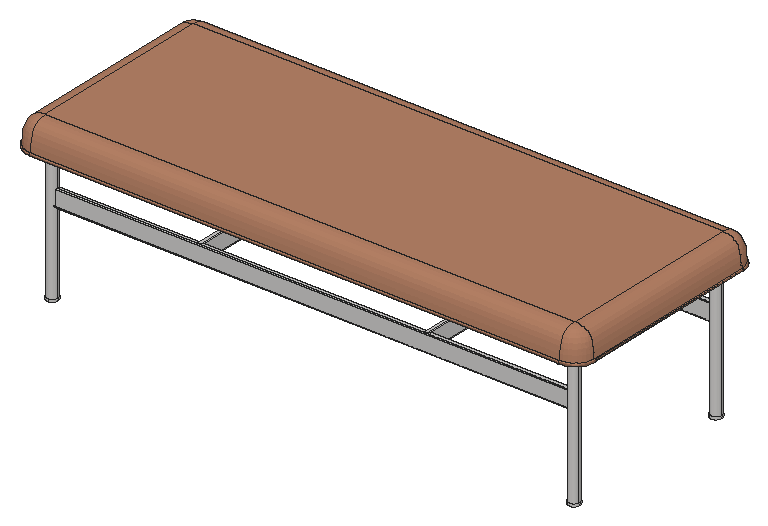
Revit family "Benches-Bernhardt_Design-cp.2", category Furniture, Revit 2013
Parameters (values of type "6506")
  Width = 4' - 8 1/2"
  Upholstery = Fabric - Bernhardt Design - Leather - Brown
  URL = "http://bernhardtdesign.com/"
  Seat Height = 1' - 4 3/8"
  Product Page URL = "http://bernhardtdesign.com/products/cp2_bench/index.html"
  Product Name = "cp.1"  # constant formula
  Product Documentation Link = "http://bernhardtdesign.com/pdf/pricelists/benches/Cp2B%20PL_090914.pdf"
  Model = "6506"
  Metal Finish = Metal - Bernhardt Design - Polished Stainless Steel
  Material = ""
  Manufacturer = "Bernhardt Design"  # constant formula
  Height = Seat Height  # 1' - 4 3/8"
  Description = "Bench"
  Depth = 1' - 10"  # constant formula
  Cushion Type = cp.2-cushion-bench : cp.2-cushion-bench
Types (5): name | Width | Seat Height | Model | Metal Finish | Height | Description | Cushion Type
  (no name) | 4' - 8 1/2" | 1' - 4 3/8" | "6506" | Metal - Bernhardt Design - Polished Stainless Steel | 1' - 4 3/8" | "Bench" | cp.2-cushion-bench : cp.2-cushion-bench
  6504 | 2' - 2 3/4" | 1' - 3 7/8" | "6504" | Metal - Bernhardt Design - Polished Stainless Steel | 1' - 3 7/8" | "Ottoman" | cp.2-cushion-ottoman : cp.2-cushion-ottoman
  6504B | 2' - 2 3/4" | 1' - 3 7/8" | "6504B" | Metal - Bernhardt Design - Brushed Stainless Steel | 1' - 3 7/8" | "Ottoman" | cp.2-cushion-ottoman : cp.2-cushion-ottoman
  6506 | 4' - 8 1/2" | 1' - 4 3/8" | "6506" | Metal - Bernhardt Design - Polished Stainless Steel | 1' - 4 3/8" | "Bench" | cp.2-cushion-bench : cp.2-cushion-bench
  6506B | 4' - 8 1/2" | 1' - 4 3/8" | "6506B" | Metal - Bernhardt Design - Brushed Stainless Steel | 1' - 4 3/8" | "Bench" | cp.2-cushion-bench : cp.2-cushion-bench
Reference planes (in)
  plane 1 "Center (Front/Back)": y = 0
  plane 2 "Ref. Level": z = 0
  plane 3 "Center (Left/Right)": x = 0
  plane 4 "Back": y = 11.12717
  plane 5 "Front": y = -11.12717
  plane 6 "Right": x = 28.25
  plane 7 "Left": x = -28.25
  plane 8 "front legs": y = -8.8125
  plane 9 "back legs": y = 8.8125
  plane 10: x = 25.87497
  plane 11: x = -25.87497
  plane 12 "Top": z = 16.375
  plane 13: x = 11.25
  plane 14: x = -11.25
Forms (in)
  Revolve 1, solid, material "Metal - Bernhardt Design - Polished Stainless Steel" <- "Metal Finish"
    sketch origin (0, -8.8125, 0) x (0, 0, -1) y (1, 0, 0)
      loop
        line (-13.5, 25.37497) -> (-0.1875, 25.37497) -> (-0.1875, 25.31395) -> (0, 25.31395) -> (0, 25.87497) -> (-13.5, 25.87497) -> (-13.5, 25.37497)
      axis (0, 25.87497) -> (-13.5, 25.87497)
    angle from 0 to 360
  Revolve 2, solid, material "Metal - Bernhardt Design - Polished Stainless Steel" <- "Metal Finish"
    sketch origin (0, -8.8125, 0) x (0, 0, -1) y (-1, 0, 0)
      loop
        line (-13.5, 25.37497) -> (-0.1875, 25.37497) -> (-0.1875, 25.31395) -> (0, 25.31395) -> (0, 25.87497) -> (-13.5, 25.87497) -> (-13.5, 25.37497)
      axis (0, 25.87497) -> (-13.5, 25.87497)
    angle from 0 to 360
  Revolve 3, solid, material "Metal - Bernhardt Design - Polished Stainless Steel" <- "Metal Finish"
    sketch origin (0, 8.8125, 0) x (0, 0, -1) y (1, 0, 0)
      loop
        line (-13.5, 25.37497) -> (-0.1875, 25.37497) -> (-0.1875, 25.31395) -> (0, 25.31395) -> (0, 25.87497) -> (-13.5, 25.87497) -> (-13.5, 25.37497)
      axis (0, 25.87497) -> (-13.5, 25.87497)
    angle from 0 to 360
  Revolve 4, solid, material "Metal - Bernhardt Design - Polished Stainless Steel" <- "Metal Finish"
    sketch origin (0, 8.8125, 0) x (0, 0, -1) y (-1, 0, 0)
      loop
        line (-13.5, 25.37497) -> (-0.1875, 25.37497) -> (-0.1875, 25.31395) -> (0, 25.31395) -> (0, 25.87497) -> (-13.5, 25.87497) -> (-13.5, 25.37497)
      axis (0, 25.87497) -> (-13.5, 25.87497)
    angle from 0 to 360
  Extrusion 5, solid, material "Metal - Bernhardt Design - Polished Stainless Steel" <- "Metal Finish"
    sketch origin (0, 0, 0) x (0, 1, 0) y (0, 0, 1)
      loop
        line (-9.0625, 13.5) -> (-9.0625, 12.71875) -> (-8.5625, 12.71875) -> (-8.5625, 13.5) -> (-9.0625, 13.5)
      loop
        line (8.5625, 13.5) -> (8.5625, 12.71875) -> (9.0625, 12.71875) -> (9.0625, 13.5) -> (8.5625, 13.5)
    from -25.87497 to 25.87497
  Extrusion 6, solid, material "Metal - Bernhardt Design - Polished Stainless Steel" <- "Metal Finish"
    sketch origin (0, 8.8125, 0) x (0, 0, -1) y (-1, 0, 0)
      loop
        line (-12.71875, 25.62497) -> (-12.71875, 26.12497) -> (-13.5, 26.12497) -> (-13.5, 25.62497) -> (-12.71875, 25.62497)
      loop
        line (-12.71875, -26.12497) -> (-12.71875, -25.62497) -> (-13.5, -25.62497) -> (-13.5, -26.12497) -> (-12.71875, -26.12497)
    from -17.625 to 0
  Sweep 7, solid, material "Fabric - Bernhardt Design - Leather - Brown" <- "Upholstery"
    path origin (0, 0, 0) x (1, 0, 0) y (0, 1, 0)
      loop
        line (26.25, 11.12717) -> (-26.25, 11.12717)
        arc (-26.25, 11.12717) -> (-27.66421, 10.54138) -> (-28.25, 9.12717) r 2
        line (-28.25, 9.12717) -> (-28.25, -9.12717)
        arc (-28.25, -9.12717) -> (-27.66421, -10.54138) -> (-26.25, -11.12717) r 2
        line (-26.25, -11.12717) -> (26.25, -11.12717)
        arc (26.25, -11.12717) -> (27.66421, -10.54138) -> (28.25, -9.12717) r 2
        line (28.25, -9.12717) -> (28.25, 9.12717)
        arc (28.25, 9.12717) -> (27.66421, 10.54138) -> (26.25, 11.12717) r 2
    profile origin (-28.25, 0, 0) x (-1, 0, 0) y (0, 0, 1)
      loop
        arc (-0.125, 13.5) -> (0, 13.625) -> (-0.125, 13.75) r 0.125
        line (-0.125, 13.75) -> (-1.50003, 13.75) -> (-1.50003, 13.5) -> (-0.125, 13.5)
  Extrusion 8, solid, material "Fabric - Bernhardt Design - Leather - Brown" <- "Upholstery"
    sketch origin (26.25, 11.00217, 13.75) x (-1, 0, 0) y (0, -1, 0)
      loop
        line (52.99997, 1.875) -> (52.99997, 20.12934)
        arc (52.99997, 20.12934) -> (52.85353, 20.48287) -> (52.5, 20.62931) r 0.49997
        line (52.5, 20.62931) -> (0, 20.62931)
        arc (0, 20.62931) -> (-0.35353, 20.48287) -> (-0.49997, 20.12934) r 0.49997
        line (-0.49997, 20.12934) -> (-0.49997, 1.875)
        arc (-0.49997, 1.875) -> (-0.35353, 1.52147) -> (0, 1.37503) r 0.49997
        line (0, 1.37503) -> (52.5, 1.37503)
        arc (52.5, 1.37503) -> (52.85353, 1.52147) -> (52.99997, 1.875) r 0.49997
    from -0.25 to 0
  Sweep 9, solid, material "Fabric - Bernhardt Design - Leather - Brown" <- "Upholstery"
    path origin (0, 0, 0) x (1, 0, 0) y (0, 1, 0)
      loop
        line (26.25, 11.12717) -> (-26.25, 11.12717)
        arc (-26.25, 11.12717) -> (-27.66421, 10.54138) -> (-28.25, 9.12717) r 2
        line (-28.25, 9.12717) -> (-28.25, -9.12717)
        arc (-28.25, -9.12717) -> (-27.66421, -10.54138) -> (-26.25, -11.12717) r 2
        line (-26.25, -11.12717) -> (26.25, -11.12717)
        arc (26.25, -11.12717) -> (27.66421, -10.54138) -> (28.25, -9.12717) r 2
        line (28.25, -9.12717) -> (28.25, 9.12717)
        arc (28.25, 9.12717) -> (27.66421, 10.54138) -> (26.25, 11.12717) r 2
    profile origin (-28.25, 0, 0) x (-1, 0, 0) y (0, 0, 1)
      loop
        arc (-0.125, 13.5) -> (0, 13.625) -> (-0.125, 13.75) r 0.125
        line (-0.125, 13.75) -> (-1.50003, 13.75) -> (-1.50003, 13.5) -> (-0.125, 13.5)
Cuts and joins
  joined: Sweep 7, Extrusion 8
Lines and regions (in)
  Masking region 1
    outline origin (0, 0, 0) x (1, 0, 0) y (0, 1, 0)
      loop
        arc (-26.25, 11.12717) -> (-27.66421, 10.54138) -> (-28.25, 9.12717) r 2
        line (-28.25, 9.12717) -> (-28.25, -9.12717)
        arc (-28.25, -9.12717) -> (-27.66421, -10.54138) -> (-26.25, -11.12717) r 2
        line (-26.25, -11.12717) -> (26.25, -11.12717)
        arc (26.25, -11.12717) -> (27.66421, -10.54138) -> (28.25, -9.12717) r 2
        line (28.25, -9.12717) -> (28.25, 9.12717)
        arc (28.25, 9.12717) -> (27.66421, 10.54138) -> (26.25, 11.12717) r 2
        line (26.25, 11.12717) -> (-26.25, 11.12717)
Dimensions and locks (in)
  equal spacing: plane 5 "Front", plane 1 "Center (Front/Back)", plane 4 "Back"
  equal spacing: plane 7 "Left", plane 3 "Center (Left/Right)", plane 6 "Right"
  locked: plane 10 to plane 6 "Right" at 2.37503
  locked: plane 11 to plane 7 "Left" at 2.37503
  Revolve 1 sketch curve to Revolve 1 sketch curve to Revolve 1 sketch curve to plane 6 "Right" = 0' - 0.06102" locked, 0' - 0 1/2" locked, 0' - 2.37503" locked
  Revolve 1 sketch curve to Revolve 1 sketch curve to level = 1' - 1 5/16" locked, 0' - 0 3/16" locked
  Revolve 2 sketch curve to Revolve 2 sketch curve to level = 1' - 1 5/16" locked, 0' - 0 3/16" locked
  plane 7 "Left" to Revolve 2 sketch curve to Revolve 2 sketch curve to Revolve 2 sketch curve = 0' - 2.37503" locked, 0' - 0 1/2" locked, 0' - 0.06102" locked
  plane 7 "Left" to Revolve 4 sketch curve to Revolve 4 sketch curve to Revolve 4 sketch curve = 0' - 2.37503" locked, 0' - 0 1/2" locked, 0' - 0.06102" locked
  Revolve 4 sketch curve to Revolve 4 sketch curve to level = 1' - 1 5/16" locked, 0' - 0 3/16" locked
  Revolve 3 sketch curve to Revolve 3 sketch curve to Revolve 3 sketch curve to plane 6 "Right" = 0' - 0.06102" locked, 0' - 0 1/2" locked, 0' - 2.37503" locked
  Revolve 3 sketch curve to Revolve 3 sketch curve to level = 1' - 1 5/16" locked, 0' - 0 3/16" locked
  Extrusion 6 sketch curve to Extrusion 6 sketch curve to plane 6 "Right" = 0' - 0 1/2" locked, 0' - 2.12503" locked
  Extrusion 6 sketch curve to Extrusion 6 sketch curve to level = 0' - 0 25/32" locked, 1' - 0 23/32" locked  (x2)
  plane 7 "Left" to Extrusion 6 sketch curve to Extrusion 6 sketch curve = 0' - 2.12503" locked, 0' - 0 1/2" locked
  plane 7 "Left" to Sweep 9 sketch curve to Sweep 9 sketch curve = 0' - 0 1/8" locked, 0' - 1.37503" locked
  Sweep 9 sketch curve to Sweep 9 sketch curve to level = 0' - 0 1/8" locked, 1' - 1 1/2" locked
  plane 7 "Left" to Sweep 9 sketch curve to Sweep 9 sketch curve to Sweep 9 sketch curve = 0' - 0" locked, 0' - 2" locked, 0' - 0" locked
  Sweep 9 sketch curve to Sweep 9 sketch curve to plane 6 "Right" to Sweep 9 sketch curve = 0' - 0" locked, 0' - 2" locked, 0' - 0" locked
  Sweep 9 sketch curve to Sweep 9 sketch curve to plane 4 "Back" to Sweep 9 sketch curve = 0' - 0" locked, 0' - 2" locked, 0' - 0" locked
  "Width": plane 7 "Left" to plane 6 "Right"
  plane 5 "Front" to plane 4 "Back" = 1' - 10.25434"
  "Height": plane 12 "Top" to level
  Extrusion 5 sketch curve to Extrusion 5 sketch curve to plane 1 "Center (Front/Back)" to Extrusion 5 sketch curve to Extrusion 5 sketch curve = 0' - 0 1/2" locked, 0' - 8 9/16" locked, 0' - 8 9/16" locked, 0' - 0 1/2" locked
  Extrusion 5 sketch curve to Extrusion 5 sketch curve to Extrusion 5 sketch curve to Extrusion 5 sketch curve to level = 0' - 0" locked, 0' - 0 25/32" locked, 0' - 0" locked, 1' - 0 23/32" locked
  Sweep 7 sketch curve to Sweep 7 sketch curve to plane 1 "Center (Front/Back)" to Sweep 7 sketch curve to Sweep 7 sketch curve to Sweep 7 sketch curve = 0' - 0" locked, 0' - 9.12717" locked, 0' - 9.12717" locked, 0' - 0" locked, 0' - 2" locked
  Sweep 7 sketch curve to Sweep 7 sketch curve to level = 0' - 0 1/8" locked, 1' - 1 5/8" locked
  plane 7 "Left" to Sweep 7 sketch curve to Sweep 7 sketch curve = 0' - 2" locked, 0' - 0" locked
  Sweep 7 sketch curve to Sweep 7 sketch curve to plane 6 "Right" = 0' - 0" locked, 0' - 2" locked
  plane 7 "Left" to Sweep 7 sketch curve to Sweep 7 sketch curve = 0' - 0 1/8" locked, 0' - 1.37503" locked
  aligned and locked: plane 2 "Ref. Level" to level
  aligned and locked: Extrusion 5 to plane 11
  aligned and locked: Extrusion 5 to plane 10
  aligned and locked: plane 8 "front legs" to Extrusion 6
  aligned and locked: plane 9 "back legs" to Extrusion 6
  aligned and locked: Extrusion 8 sketch curve to Sweep 7  (x6)
  aligned and locked: Sweep 7 to Extrusion 8  (x2)
  aligned and locked: Revolve 1 sketch curve to Revolve 1 sketch curve
  aligned and locked: Revolve 1 sketch curve to level
  aligned and locked: Revolve 2 sketch curve to Revolve 2 sketch curve
  aligned and locked: level to Revolve 2 sketch curve
  aligned and locked: Revolve 4 sketch curve to Revolve 4 sketch curve
  aligned and locked: level to Revolve 4 sketch curve
  aligned and locked: Revolve 3 sketch curve to Revolve 3 sketch curve
  aligned and locked: Revolve 3 sketch curve to level
  aligned and locked: plane 3 "Center (Left/Right)" to nested 1
  aligned and locked: plane 1 "Center (Front/Back)" to nested 1
  aligned and locked: plane 6 "Right" to Masking region 1 sketch curve
  aligned and locked: Masking region 1 sketch curve to plane 7 "Left"
  aligned and locked: plane 4 "Back" to Masking region 1 sketch curve
  aligned and locked: Masking region 1 sketch curve to plane 5 "Front"
  aligned and locked: Sweep 7 sketch curve to plane 7 "Left"
  aligned and locked: Sweep 7 sketch curve to plane 6 "Right"
Automatic sketch dimensions
  Revolve 1 sketch curve to Revolve 1 sketch curve = 0' - 1 9/16"
  level to Revolve 2 sketch curve = 0' - 1 9/16"
  level to Revolve 3 sketch curve = 0' - 1 9/16"
  Revolve 4 sketch curve to level = 0' - 1 9/16"
  Extrusion 8 sketch curve to Sweep 7 = 0' - 0.49997"
  plane 5 "Front" to Sweep 9 sketch curve = 0' - 0"
  Revolve 1 sketch curve to Revolve 1 sketch curve = 0' - 3 11/16"
  Revolve 2 sketch curve to Revolve 2 sketch curve = 0' - 3 11/16"
  Revolve 3 sketch curve to Revolve 3 sketch curve = 0' - 3 11/16"
  Revolve 4 sketch curve to Revolve 4 sketch curve = 0' - 3 11/16"
  Masking region 1 sketch curve to plane 11 = 0' - 0.37503"  (x2)
  plane 8 "front legs" to Masking region 1 sketch curve = 0' - 0.31467"
  Masking region 1 sketch curve to plane 10 = 0' - 0.37503"
Nested families (in)
  nested 1: "cp.2-cushion-bench" at (0, 0, 0), type <- "Cushion Type", type "cp.2-cushion-bench"
Definition of nested family "cp.2-cushion-bench"
  Parameters (values of type "cp.2-cushion-bench")
    Upholstery = Fabric - Bernhardt Design - Leather - Brown
    URL = "http://bernhardtdesign.com/"
    Model = ""
    Metal Finish = Metal - Bernhardt Design - Polished Stainless Steel
    Manufacturer = "Bernhardt Design"
    Description = ""
  Reference planes (in)
    plane 1 "Center (Front/Back)": y = 0
    plane 2 "Ref. Level": z = 0
    plane 3 "Center (Left/Right)": x = 0
  Forms (in)
    Sweep 1, solid, material "Fabric - Bernhardt Design - Leather - Brown" <- "Upholstery"
      path origin (0, 0, 0) x (1, 0, 0) y (0, 1, 0)
        loop
          line (26.2344, 11.12717) -> (-26.2344, 11.12717)
          arc (-26.2344, 11.12717) -> (-27.64862, 10.54138) -> (-28.2344, 9.12717) r 2
          line (-28.2344, 9.12717) -> (-28.2344, -9.12717)
          arc (-28.2344, -9.12717) -> (-27.64862, -10.54138) -> (-26.2344, -11.12717) r 2
          line (-26.2344, -11.12717) -> (26.2344, -11.12717)
          arc (26.2344, -11.12717) -> (27.64862, -10.54138) -> (28.2344, -9.12717) r 2
          line (28.2344, -9.12717) -> (28.2344, 9.12717)
          arc (28.2344, 9.12717) -> (27.64862, 10.54138) -> (26.2344, 11.12717) r 2
      profile origin (-28.2344, 0, 0) x (-1, 0, 0) y (0, 0, 1)
        loop
          spline (-0.12503, 13.75) -> (-0.13396, 14.15999) -> (-0.1621, 14.53637) -> (-0.21144, 14.87875) -> (-0.28398, 15.18676) -> (-0.38173, 15.45998) -> (-0.50667, 15.69804) -> (-0.66082, 15.90055) -> (-0.84617, 16.06711) -> (-1.06473, 16.19734) -> (-1.31848, 16.29084) -> (-1.60944, 16.34723) -> (-1.93959, 16.36611)
          line (-1.93959, 16.36611) -> (-1.93959, 13.75) -> (-0.12503, 13.75)
    Extrusion 2, solid, material "Metal - Bernhardt Design - Polished Stainless Steel" <- "Metal Finish"
      sketch origin (0, 0, 0) x (1, 0, 0) y (0, 1, 0)
        loop
          line (-11.5, 5.50591) -> (-11.5, 4.99409) -> (-11, 4.99409) -> (-11, 5.50591) -> (-11.5, 5.50591)
        loop
          line (11.5, 5.50591) -> (11, 5.50591) -> (11, 4.99409) -> (11.5, 4.99409) -> (11.5, 5.50591)
        loop
          line (-11.5, -5.50591) -> (-11, -5.50591) -> (-11, -4.99409) -> (-11.5, -4.99409) -> (-11.5, -5.50591)
        loop
          line (11.5, -5.50591) -> (11.5, -4.99409) -> (11, -4.99409) -> (11, -5.50591) -> (11.5, -5.50591)
      from 10.04478 to 13.75
    Extrusion 3, solid, material "Metal - Bernhardt Design - Polished Stainless Steel" <- "Metal Finish"
      sketch origin (0, 8.8125, 0) x (0, 0, -1) y (-1, 0, 0)
        loop
          line (-10.04478, 11.1) -> (-9.94478, 11) -> (-8.4125, 11) -> (-8.3125, 11.1) -> (-8.3125, 11.4) -> (-8.4125, 11.5) -> (-9.94478, 11.5) -> (-10.04478, 11.4) -> (-10.04478, 11.1)
        loop
          line (-10.04478, -11.1) -> (-10.04478, -11.4) -> (-9.94478, -11.5) -> (-8.4125, -11.5) -> (-8.3125, -11.4) -> (-8.3125, -11.1) -> (-8.4125, -11) -> (-9.94478, -11) -> (-10.04478, -11.1)
      from -17.625 to 0
    Extrusion 4, solid, material "Metal - Bernhardt Design - Polished Stainless Steel" <- "Metal Finish"
      sketch origin (0, 0, -0.5) x (0, 1, 0) y (0, 0, 1)
        loop
          line (-8.9625, 10.54478) -> (-9.0625, 10.44478) -> (-9.0625, 8.9125) -> (-8.9625, 8.8125) -> (-8.6625, 8.8125) -> (-8.5625, 8.9125) -> (-8.5625, 10.44478) -> (-8.6625, 10.54478) -> (-8.9625, 10.54478)
        loop
          line (8.9625, 10.54478) -> (8.6625, 10.54478) -> (8.5625, 10.44478) -> (8.5625, 8.9125) -> (8.6625, 8.8125) -> (8.9625, 8.8125) -> (9.0625, 8.9125) -> (9.0625, 10.44478) -> (8.9625, 10.54478)
      from -25.87497 to 25.87497
    Extrusion 5, solid, material "Fabric - Bernhardt Design - Leather - Brown" <- "Upholstery"
      sketch origin (26.2344, 9.18757, 13.75) x (0, 1, 0) y (1, 0, 0)
        loop
          arc (-0.06041, -52.52921) -> (-0.01769, -52.51152) -> (0, -52.46881) r 0.06041
          line (0, -52.46881) -> (0, 0)
          arc (0, 0) -> (-0.01769, 0.04271) -> (-0.06041, 0.06041) r 0.06041
          line (-0.06041, 0.06041) -> (-18.31474, 0.06041)
          arc (-18.31474, 0.06041) -> (-18.35746, 0.04271) -> (-18.37515, 0) r 0.06041
          line (-18.37515, 0) -> (-18.37515, -52.46881)
          arc (-18.37515, -52.46881) -> (-18.35746, -52.51152) -> (-18.31474, -52.52921) r 0.06041
          line (-18.31474, -52.52921) -> (-0.06041, -52.52921)
      from 0 to -2.61611
  Cuts and joins
    joined: Sweep 1, Extrusion 5
  Dimensions and locks (in)
    aligned and locked: plane 2 "Ref. Level" to level
    aligned and locked: Extrusion 5 sketch curve to Sweep 1  (x4)
